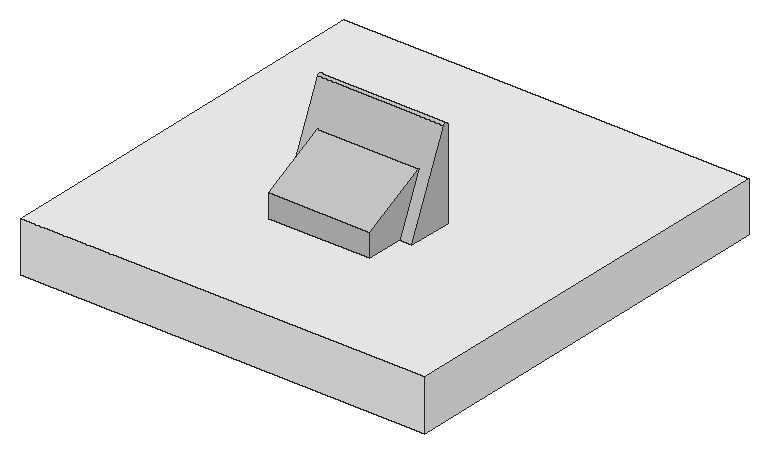
Revit family "WSW130", category Plumbing Fixtures, host Face, Revit 2022
Family settings
  Host = Face
  Round Connector Dimension = Use Diameter
  Part Type = Normal
  OmniClass Number = 23.45.05.14.14
  OmniClass Title = Sinks/Lavatories
  Cut with Voids When Loaded = No
  Maintain Annotation Orientation = No
  Shared = Yes
  Room Calculation Point = No
Parameters (values of type "WSW130")
  Width = 21 5/8"  # constant formula
  Waste Connection Radius = 3/4"
  Waste Connection Diameter = Waste Connection Radius * 2  # 1 1/2"
  Waste Connection = yes
  WFU = 4  # constant formula
  Vent Connection = no
  URL = "https://acorneng.com/home"
  Type Comments = "Wedge Stainless Steel Wall Mounted Hand Wash Trough\r"  # constant formula
  Sink Inner Width = 15 3/4"  # constant formula
  Sink Inner Length = 27 7/8"  # constant formula
  SW000 - PTC Daisy Strainer, Tailpiece, 1-1/2” P-Trap, Chrome = no
  SW000 - PT Daisy Strainer, Tailpiece, 1-1/2” P-Trap, Plastic = no
  SW000 - F70 S/T Pushbutton Metering Faucet, Plate = no
  SW000 - F60 S/T Sensor Operated Faucet,J Spout, Plate = no
  SW000 - F51 H&C Wristblade Faucet, Spout = no
  SW000 - F50 H&C Wristblade Faucet, Gooseneck Spout = no
  Product Page URL = "https://www.acorneng.com/product.aspx?ProductId=3664"
  Product Documentation Link = "https://www.acorneng.com/uploads/fileLibrary/WSW000.pdf"
  Price = "Prices may vary. Please consult Manufacturer Representative for most up-to-date price list."  # constant formula
  PS1000 - PS Pump Soap Dispenser, Specify number = no
  Model = "WSW130"
  Manufacturer = "Acorn Engineering"  # constant formula
  Length = 30"  # constant formula
  Keynote = ""
  Installation Type = "Wall Mounted"  # constant formula
  IAPMO Compliance = "ixture complies with ANSI, UFAS, CBC and ADA 2010 requirements for accessibility"  # constant formula
  Hot Water Connection Radius = 21/32"
  Hot Water Connection Diameter = Hot Water Connection Radius * 2  # 1 5/16"
  Height = 19 1/4"  # constant formula
  HWFU = 3  # constant formula
  HW Connection = yes
  Flow Rate = "0.5 GPM (1.9 LPM) for faucet type"
  EG - Enviro-Glaze, Specify Color = no
  Diameter For Soap Knockout = 1 5/16"  # constant formula
  Description = "Neo-Metro® by Acorn® provides this durable, stainless steel trough sink. It is available in sizes to accommodate from one to four users. The design is perfect for high-traffic restrooms, incorporating ample personal space while reducing wet, slippery floors.\r\n\r\nThe WSW000 Series hand washing station is wall mounted and features a unique “wedge”-shaped trough (patent pending) with a polished stainless steel finish and rounded corners.\r\n\r\nOptional trap enclosures are available to conceal hot and cold mixing valves and supply/waste connections while providing easy maintenance access. The enclosure is fabricated of 16 gauge, type 304 stainless steel with a satin finish. It is available in 24\" (610 mm) or 54\" (1,372 mm) widths.\r\n\r\nWhen mounted at 34\" (864 mm) from the finished floor, the fixture will comply with ANSI, UFAS, CBC, OBC, and ADA requirements. Compliance is subject to the interpretation and requirements of the local code authority."
  Default Elevation = 34"
  DSW000-TC1Accessory: Single 24" Wide Trap Enclosure = yes
  Creation Date = "02/12/2021"  # constant formula
  Cold Water Connection Radius = 21/32"
  Cold Water Connection Diameter = Cold Water Connection Radius * 2  # 1 5/16"
  CWFU = 3  # constant formula
  CW Connection = yes
  Bowl Shape = "Trough"  # constant formula
  Body Material = Metal-Acorn-304-Stainless_Steel-16-Gauge
  Trap Enclosure Width = 24"
  Assembly Code = "D2010440"
  ADA Compliant = yes
Reference planes (in)
  plane 1 "Center (Front/Back)": y = 0
  plane 2: z = 0
  plane 3 "Center (Left/Right)": x = 0
  plane 4: x = 15
  plane 5: x = -15
  plane 6: z = 21.625
  plane 7: x = -13.9375
  plane 8: x = 13.9375
  plane 9: z = 20.0625
  plane 10: z = 4.3125
  plane 11: y = -2.5
  plane 12: y = 1
  plane 13: y = -34
  plane 14: y = -19.25
  plane 15: x = 12
  plane 16: x = -12
  plane 17: z = 6.1875
  plane 18: y = -3.5
  plane 19: z = 2.4375
  plane 20: z = 2.3125
  plane 21: x = 2
  plane 22: x = -2
  plane 23: x = 5
  plane 24: y = 0.1
  plane 25: y = 2
  plane 26: y = -13
  plane 27: y = -8.75
  plane 28: y = -10
  plane 29: x = -9.25
  plane 30: x = -4.25
  plane 31: x = 9
Forms (in)
  Extrusion 1, solid, material "White"
    sketch origin (0, 0, 0) x (1, 0, 0) y (0, 1, 0)
      loop
        line (-48, 48) -> (-48, -48) -> (48, -48) -> (48, 48) -> (-48, 48)
    from 0 to -12
  Extrusion 2, solid, material "Metal-Acorn-304-Stainless_Steel-16-Gauge" <- "Body Material"
    sketch origin (15, 27.86079, 0) x (0, -1, 0) y (0, 0, -1)
      loop
        line (27.86079, 0) -> (27.86079, -21.07533)
        arc (27.86079, -21.07533) -> (28.30749, -21.60473) -> (28.9045, -21.25347) r 0.53705
        line (28.9045, -21.25347) -> (38.36715, 0) -> (27.86079, 0)
    from -30 to 0
  Extrusion 3, solid, material "Metal-Acorn-304-Stainless_Steel-16-Gauge" <- "Body Material", visible <- "DSW000-TC1Accessory: Single 24" Wide Trap Enclosure"
    sketch origin (15, 27.86079, 0) x (0, -1, 0) y (0, 0, -1)
      loop
        line (47.11079, 0) -> (38.36715, 0) -> (32.71193, -12.70183) -> (47.11079, -5.36525) -> (47.11079, 0)
    from -27 to -3
  Extrusion 4, void
    sketch origin (15, -2.5, 0) x (0, 0, -1) y (1, 0, 0)
      loop
        circle (-6.1875, -15) r 0.75
    from -3.5 to 1
  Extrusion 5, void
    sketch origin (15, 0, 0) x (0, 0, -1) y (1, 0, 0)
      loop
        circle (-2.4375, -13) r 0.65625
    from -1 to 2.5
  Extrusion 6, void
    sketch origin (-15, 0, 0) x (0, 0, -1) y (1, 0, 0)
      loop
        circle (-2.4375, 13) r 0.65625
    from -1 to 2.5
  Extrusion 7, solid, material "Metal-Acorn-304-Stainless_Steel-16-Gauge"
    sketch origin (15, 0, 0) x (0, 0, 1) y (1, 0, 0)
      loop
        circle (2.3125, -10) r 0.65625
    from 0 to 0.1
  Extrusion 8, solid
    sketch origin (0, 0, 0) x (1, 0, 0) y (0, 1, 0)
      loop
        circle (0, -8.75) r 0.75
    from 0 to 0.1
  Extrusion 9, solid
    sketch origin (0, 0, 0) x (1, 0, 0) y (0, 1, 0)
      loop
        circle (-4.25, -13) r 0.65625
    from 0 to 0.1
  Extrusion 10, solid
    sketch origin (-13.5, 0, 0) x (-1, 0, 0) y (0, -1, 0)
      loop
        circle (-4.25, 13) r 0.65625
    from 0 to 0.1
  Extrusion 11, void
    sketch origin (15, 27.86079, 0) x (0, 1, 0) y (0, 0, -1)
      loop
        line (-26.86079, -4.3125) -> (-30.36079, -4.3125) -> (-30.36079, -8.3125) -> (-29.63999, -8.3125) -> (-28.41907, -20.0625) -> (-26.86079, -20.0625) -> (-26.86079, -4.3125)
    from 1.0625 to 28.9375
  Extrusion 12, void
    sketch origin (13, 0, 0) x (0, 0, -1) y (1, 0, 0)
      loop
        circle (-2.4375, -13) r 0.65625
    from -1 to 2.5
Cuts and joins
  Extrusion 4, Extrusion 5, Extrusion 6, Extrusion 11, Extrusion 12 cuts Extrusion 2
  Extrusion 4, Extrusion 5 cuts Extrusion 3
Lines and regions (in)
  Masking region 1
    outline origin (15, 0, 0) x (0, 0, 1) y (1, 0, 0)
      loop
        line (21.625, 0) -> (0, 0) -> (0, -30) -> (21.625, -30) -> (21.625, 0)
  symbolic lines, detail levels medium+fine
    curve 1: line (13.9375, 0, 20.0625) -> (13.9375, 0, 4.3125)
    curve 2: line (-13.9375, 0, 20.0625) -> (13.9375, 0, 20.0625)
    curve 3: line (-13.9375, 0, 4.3125) -> (-13.9375, 0, 20.0625)
    curve 4: line (13.9375, 0, 4.3125) -> (-13.9375, 0, 4.3125)
    curve 5: circle (0, 0, 6.1875) r 0.75 normal (0, -1, 0)
    curve 6: circle (-2, 0, 2.4375) r 0.65625 normal (0, -1, 0)
    curve 7: circle (2, 0, 2.4375) r 0.65625 normal (0, -1, 0)
    curve 9: line (-13.9375, 0, 8.3125) -> (13.9375, 0, 8.3125)
    curve 10: circle (0, 0, 2.4375) r 0.65625 normal (0, -1, 0)
  symbolic lines, detail levels fine
    curve 8: circle (5, 0, 2.3125) r 0.65625 normal (0, 1, 0)
Dimensions and locks (in)
  equal spacing: plane 5, plane 3 "Center (Left/Right)", plane 4
  "Length": plane 5 to plane 4
  "Width": level to plane 6
  plane 6 to plane 2 = 21 5/8"
  equal spacing: plane 7, plane 3 "Center (Left/Right)", plane 8
  "Sink Inner Length": plane 7 to plane 8
  "Sink Inner Width": plane 10 to plane 9
  locked: plane 11 to plane 1 "Center (Front/Back)" at 2.5
  locked: plane 1 "Center (Front/Back)" to plane 12 at 1
  locked: plane 9 to plane 6 at 1.5625
  "Default Elevation": plane 13 to plane 1 "Center (Front/Back)"
  "Height": plane 14 to plane 1 "Center (Front/Back)"
  equal spacing: plane 16, plane 3 "Center (Left/Right)", plane 15
  "Trap Enclosure Width": plane 16 to plane 15
  locked: plane 18 to plane 11 at 1
  plane 19 to plane 10 = 1 7/8"
  plane 20 to plane 10 = 2"
  equal spacing: plane 22, plane 3 "Center (Left/Right)", plane 21, locked at 2 each
  locked: plane 3 "Center (Left/Right)" to plane 23 at 5
  cut or joined group of Extrusion 2, Extrusion 4, Extrusion 5, Extrusion 6, Extrusion 11, Extrusion 12 to plane 24 to plane 12 = 0.1" locked, 0.9"
  plane 1 "Center (Front/Back)" to plane 25 = 2"
  plane 27 to plane 13 = 25 1/4"
  plane 26 to plane 13 = 21"
  plane 28 to plane 13 = 24"
  plane 29 to plane 3 "Center (Left/Right)" = 9 1/4"
  plane 29 to plane 30 = 5"
  plane 3 "Center (Left/Right)" to plane 31 = 9"
  locked: Extrusion 11 sketch curve to Extrusion 11 sketch curve at 4
  curve 4 to Extrusion 1 = 4 5/16"
  "Waste Connection Radius": radius of Extrusion 4 sketch curve
  "Cold Water Connection Radius": radius of Extrusion 5 sketch curve
  "Hot Water Connection Radius": radius of Extrusion 6 sketch curve
  "Diameter For Soap Knockout": diameter of Extrusion 7 sketch curve
  "Waste Connection Radius": radius of Extrusion 8 sketch curve
  "Cold Water Connection Radius": radius of Extrusion 9 sketch curve
  "Cold Water Connection Radius": radius of Extrusion 10 sketch curve
  "Cold Water Connection Radius": radius of Extrusion 12 sketch curve
  aligned and locked: plane 2 to Extrusion 1
  aligned and locked: level to Extrusion 1
  aligned and locked: plane 5 to Extrusion 2
  aligned and locked: Extrusion 2 to plane 4
  aligned and locked: Extrusion 1 to Extrusion 3 sketch curve
  aligned and locked: plane 14 to Extrusion 3 sketch curve
  aligned and locked: plane 16 to Extrusion 3
  aligned and locked: Extrusion 3 to plane 15
  aligned and locked: plane 17 to Extrusion 4 sketch curve
  aligned and locked: plane 3 "Center (Left/Right)" to Extrusion 4 sketch curve
  aligned and locked: Extrusion 4 to plane 18
  aligned and locked: plane 21 to Extrusion 5 sketch curve
  aligned and locked: plane 19 to Extrusion 5 sketch curve
  aligned and locked: plane 22 to Extrusion 6 sketch curve
  aligned and locked: plane 19 to Extrusion 6 sketch curve
  aligned and locked: plane 23 to Extrusion 7 sketch curve
  aligned and locked: plane 20 to Extrusion 7 sketch curve
  aligned and locked: plane 1 "Center (Front/Back)" to Extrusion 7
  aligned and locked: plane 24 to Extrusion 7
  aligned and locked: plane 3 "Center (Left/Right)" to Extrusion 8 sketch curve
  aligned and locked: plane 27 to Extrusion 8 sketch curve
  aligned and locked: plane 30 to Extrusion 9 sketch curve
  aligned and locked: plane 26 to Extrusion 9 sketch curve
  aligned and locked: plane 29 to Extrusion 10 sketch curve
  aligned and locked: plane 26 to Extrusion 10 sketch curve
  aligned and locked: Extrusion 10 to Extrusion 9
  aligned and locked: Extrusion 8 to Extrusion 9
  aligned and locked: curve 5 to cut or joined group of Extrusion 2, Extrusion 4, Extrusion 5, Extrusion 6, Extrusion 11, Extrusion 12
  aligned and locked: curve 6 to cut or joined group of Extrusion 2, Extrusion 4, Extrusion 5, Extrusion 6, Extrusion 11, Extrusion 12
  aligned and locked: curve 7 to cut or joined group of Extrusion 2, Extrusion 4, Extrusion 5, Extrusion 6, Extrusion 11, Extrusion 12
  aligned and locked: curve 8 to Extrusion 7
  aligned and locked: Masking region 1 sketch curve to cut or joined group of Extrusion 2, Extrusion 4, Extrusion 5, Extrusion 6, Extrusion 11, Extrusion 12  (x3)
  aligned and locked: cut or joined group of Extrusion 3, Extrusion 4, Extrusion 5 to cut or joined group of Extrusion 2, Extrusion 4, Extrusion 5, Extrusion 6, Extrusion 11, Extrusion 12
  aligned and locked: plane 9 to Extrusion 11 sketch curve
  aligned and locked: plane 10 to Extrusion 11 sketch curve
  aligned and locked: plane 7 to Extrusion 11
  aligned and locked: Extrusion 11 to plane 8
  aligned and locked: plane 12 to Extrusion 11
  aligned and locked: curve 9 to cut or joined group of Extrusion 2, Extrusion 4, Extrusion 5, Extrusion 6, Extrusion 11, Extrusion 12
  aligned and locked: plane 3 "Center (Left/Right)" to Extrusion 12 sketch curve
  aligned and locked: plane 19 to Extrusion 12 sketch curve
Automatic sketch dimensions
  Extrusion 1 sketch curve to Extrusion 1 sketch curve = 96"  (x2)
  Extrusion 2 sketch curve to level = 0"
  Extrusion 2 sketch curve to plane 1 "Center (Front/Back)" = 0"
  plane 1 "Center (Front/Back)" to Extrusion 2 sketch curve = 0.53705"
  Extrusion 2 sketch curve to plane 6 = 0.37153"
  Extrusion 2 sketch curve to Extrusion 2 sketch curve = 0.50665"
  Extrusion 2 sketch curve to plane 28 = 0.50636"
  Extrusion 3 sketch curve to Extrusion 2 = 0"  (x2)
  Extrusion 3 sketch curve to Extrusion 2 = 4.85114"
  Extrusion 3 sketch curve to Extrusion 3 sketch curve = 5.36525"
  Extrusion 2 to Masking region 1 sketch curve = 0.54967"
  Extrusion 2 to Extrusion 11 sketch curve = 2 1/2"
  Extrusion 11 sketch curve to Extrusion 11 sketch curve = 0.7208"
  Extrusion 2 to Extrusion 11 sketch curve = 0.55828"
  Extrusion 11 sketch curve to Extrusion 2 = 1"
  curve 10 to curve 7 = 0"
  Extrusion 2 to curve 3 = 1 1/16"
  curve 2 to Extrusion 2 = 1.01283"
  curve 10 to curve 7 = 2"
  Extrusion 2 to curve 2 = 1 1/16"
  radius of curve 10 = 21/32"
Connectors (in)
  piping at (0, -2.5, 6.1875), diameter 1.5, driven by "Waste Connection Diameter", driven by "WFU"
    settings: on cut or joined group of Extrusion 2, Extrusion 4, Extrusion 5, Extrusion 6, Extrusion 11, Extrusion 12, index 1, connector inside diameter 24", connector length 0", flow factor 0, pipe flow 0 GPM, pressure drop 0.00 psi, fitting loss kfactor 0, connector angle 0.00°, fixture units 4, engagement length 0", angle of deflection 0.00°, flow configuration 3, flow direction 2, fitting loss method 0, system type 16, joint type 0, gender type 0, connector reference index -1, connector utility 0, adjustable connector no, is connector primary yes, connector description "1 1/2\" Waste Outlet Connection"
  piping at (-2, 0, 2.4375), diameter 1.3125, driven by "Hot Water Connection Diameter", driven by "HWFU"
    settings: on cut or joined group of Extrusion 2, Extrusion 4, Extrusion 5, Extrusion 6, Extrusion 11, Extrusion 12, index 2, connector inside diameter 24", connector length 0", flow factor 0, pipe flow 0 GPM, pressure drop 0.00 psi, fitting loss kfactor 0, connector angle 0.00°, fixture units 3, engagement length 0", angle of deflection 0.00°, flow configuration 3, flow direction 1, fitting loss method 0, system type 19, joint type 0, gender type 0, connector reference index -1, connector utility 0, adjustable connector no, is connector primary no, connector description "1 1/2\" NPT, HW Inlet Connection"
  piping at (2, 0, 2.4375), diameter 1.3125, driven by "Cold Water Connection Diameter", driven by "CWFU"
    settings: on cut or joined group of Extrusion 2, Extrusion 4, Extrusion 5, Extrusion 6, Extrusion 11, Extrusion 12, index 3, connector inside diameter 24", connector length 0", flow factor 0, pipe flow 0 GPM, pressure drop 0.00 psi, fitting loss kfactor 0, connector angle 0.00°, fixture units 3, engagement length 0", angle of deflection 0.00°, flow configuration 3, flow direction 1, fitting loss method 0, system type 20, joint type 0, gender type 0, connector reference index -1, connector utility 0, adjustable connector no, is connector primary no, connector description "1 1/2\" NPT, CW Inlet Connection"
